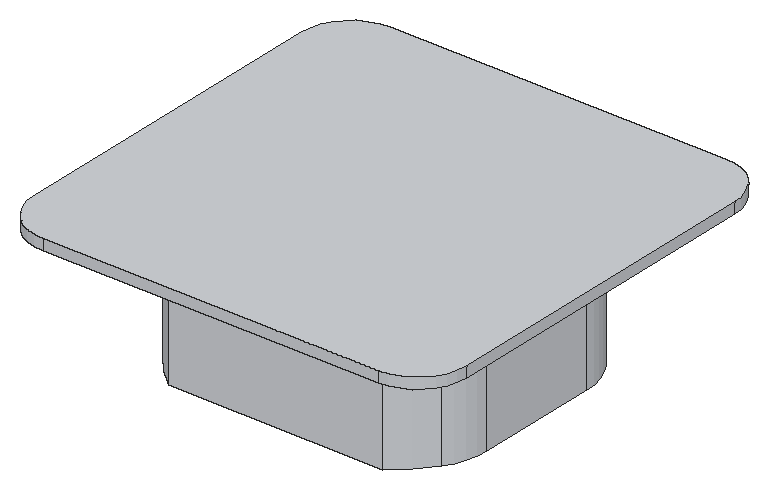
Revit family "Gira_015800", category Electrical Fixtures, host Face, Revit 2017
Family settings
  Host = Face
  Maintain Annotation Orientation = Yes
  Round Connector Dimension = Use Diameter
  Part Type = Normal
  Cut with Voids When Loaded = No
  Shared = No
  Room Calculation Point = No
Parameters (values of type "Wipp-Jal.aster Einsatz")
  Zusammenstellung = "Basiselement"
  Werkstoffgüte = "sonstige"
  Werkstoff = "sonstige"
  URL = "http://katalog.gira.de/de_DE/datenblatt.html?artikelnr=015800"
  Transparent = "No"
  Textfeld/Beschriftungsfläche = "No"
  Region = "DE"
  Oberfläche = "sonstige"
  Nennspannung = "250 Volt"
  Name = "Wipp-Jal.aster Einsatz"
  Montageart = "unter Putz"
  Mechanisch bedienbar = "Yes"
  Manufacturer URL = "https://www.gira.de/"
  Keynote = "Einsatz_1fach"
  HeinzeBIM = "https://bimportal.heinze.de/bim/wipp-jal-aster-einsatz/7b4ee996e3a4714ef4fd496a3646a33aa8eac48e"
  Halogenfrei = "No"
  HAN = "015800"
  Geeignet für Schutzart (IP) = "IP20"
  GTIN = "4010337158004"
  Farbe = "sonstige"
  Elektronisch bedienbar = "No"
  Elektrische und mechanische Verriegelung = "Yes"
  Default Elevation = 1219.2 mm
  Data sheet (1) = "https://katalog.gira.de/de_DE/download.html?artikelnr=015800"
  Category = "Jalousieschalter/-taster"
  Bemessungsstrom = "10 Ampere"
  Befestigungsart = "Krallen-/Schraubbefestigung"
  Bedienungsart = "Wippe"
  Available = "Yes"
  Ausführung = "Taster 1-polig"
  Anzahl der Tasten = "2 "
  Anzahl der Module (bei Modulbauweise) = "1 "
Reference planes
  plane 1 "Center (Front/Back)": y = 0
  plane 2: z = 0
  plane 3 "Center (Left/Right)": x = 0
Forms (mm)
  Extrusion 1, solid, detail levels fine
    sketch origin (0, 0, 0) x (1, 0, 0) y (0, 1, 0)
      loop
        line (27.475, 35.475) -> (-27.475, 35.475)
        arc (-27.475, 35.475) -> (-33.132, 33.132) -> (-35.475, 27.475) r 8
        line (-35.475, 27.475) -> (-35.475, -27.475)
        arc (-35.475, -27.475) -> (-33.132, -33.132) -> (-27.475, -35.475) r 8
        line (-27.475, -35.475) -> (27.475, -35.475)
        arc (27.475, -35.475) -> (33.132, -33.132) -> (35.475, -27.475) r 8
        line (35.475, -27.475) -> (35.475, 27.475)
        arc (35.475, 27.475) -> (33.132, 33.132) -> (27.475, 35.475) r 8
    from 0 to 1.8
  Extrusion 2, solid, detail levels fine
    sketch origin (0, 0, 0) x (1, 0, 0) y (0, 1, 0)
      loop
        line (9.678, 25.4) -> (-9.678, 25.4)
        arc (-9.678, 25.4) -> (-12.885, 24.922) -> (-15.814, 23.53) r 11
        arc (-15.814, 23.53) -> (-17.795, 22.07) -> (-19.641, 20.444) r 28.35
        arc (-19.641, 20.444) -> (-21.339, 18.665) -> (-22.876, 16.745) r 28.35
        arc (-22.876, 16.745) -> (-24.456, 13.666) -> (-25, 10.248) r 11
        line (-25, 10.248) -> (-25, -10.248)
        arc (-25, -10.248) -> (-24.456, -13.666) -> (-22.876, -16.745) r 11
        arc (-22.876, -16.745) -> (-20.409, -19.677) -> (-17.569, -22.25) r 28.35
        line (-17.569, -22.25) -> (17.569, -22.25)
        arc (17.569, -22.25) -> (20.409, -19.677) -> (22.876, -16.745) r 28.35
        arc (22.876, -16.745) -> (24.456, -13.666) -> (25, -10.248) r 11
        line (25, -10.248) -> (25, 10.248)
        arc (25, 10.248) -> (24.456, 13.666) -> (22.876, 16.745) r 11
        arc (22.876, 16.745) -> (21.593, 18.37) -> (20.195, 19.897) r 28.35
        arc (20.195, 19.897) -> (18.096, 21.823) -> (15.814, 23.53) r 28.35
        arc (15.814, 23.53) -> (12.885, 24.922) -> (9.678, 25.4) r 11
    from -22 to 0
  Extrusion 3, solid, detail levels medium
    sketch origin (0, 0, 0) x (1, 0, 0) y (0, 1, 0)
      loop
        line (-25, 25.4) -> (-25, -22.25) -> (25, -22.25) -> (25, 25.4) -> (-25, 25.4)
    from -22 to 0
  Extrusion 4, solid, detail levels coarse
    sketch origin (0, 0, 0) x (1, 0, 0) y (0, 1, 0)
      loop
        line (35.475, 35.475) -> (-35.475, 35.475) -> (-35.475, -35.475) -> (35.475, -35.475) -> (35.475, 35.475)
    from -22 to 1.8
  Extrusion 5, solid, detail levels medium
    sketch origin (0, 0, 0) x (1, 0, 0) y (0, 1, 0)
      loop
        line (35.475, 35.475) -> (-35.475, 35.475) -> (-35.475, -35.475) -> (35.475, -35.475) -> (35.475, 35.475)
    from 0 to 1.8
Dimensions and locks
  aligned and locked: plane 2 to host face
  aligned and locked: level to host face
  aligned and locked: plane 3 "Center (Left/Right)" to nested 1
  aligned and locked: plane 1 "Center (Front/Back)" to nested 1
Nested families
  nested 1: "RJ45-Datendose Beschriftung" at (0, 0, 0), type "RJ45-Datendose Beschriftung"
Connectors
  electrical at (0, 0, -22)
    settings: on Extrusion 4, index 1, voltage 220 V, apparent load 0 VA, apparent load phase1 0 VA, apparent load phase2 0 VA, apparent load phase3 0 VA, power factor 1, load classification "Other", number of poles 1, system type 30, power factor state 1, is connector primary yes, connector utility no, sub classification motor no, connector description ""
Definition of nested family "RJ45-Datendose Beschriftung"
  Reference planes
    plane 1: y = 0
    plane 2: x = 0
  Lines and regions (mm)
    Filled region 1, type "Gefüllter Bereich 1"
      outline origin (0, 0, 0) x (1, 0, 0) y (0, 1, 0)
        loop
          circle (0, 2.4) r 0.4
    detail lines
      curve 1: line (0, 0, 0) -> (0, 2, 0)
      curve 2: line (0, 2, 0) -> (1.2, 2, 0)
      curve 3: line (1.2, 2, 0) -> (1.2, 3.6, 0)
      curve 4: circle (0, 2.4, 0) r 0.4 normal (0, 0, 1)
      curve 5: line (0, 2, 0) -> (-1.2, 2, 0)
      curve 6: line (-1.2, 2, 0) -> (-1.2, 3.6, 0)
